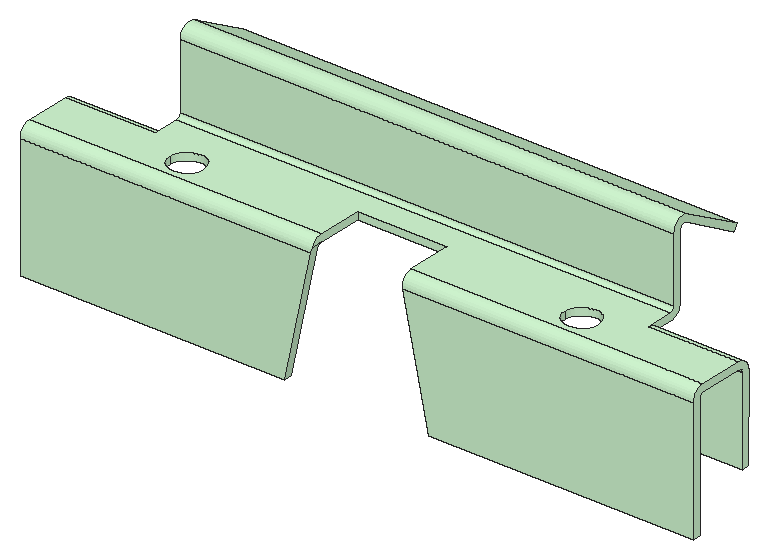
Revit family "pachi", category 機械設備, Revit 2022
Family settings
  丸型コネクタ寸法 = 直径を使用
  種別 = なし
  パーツ タイプ = 標準
  作業面ベース = いいえ
  常に垂直 = はい
  ロード時にボイドで切り取り = いいえ
  注釈の向きを維持 = いいえ
  共有 = いいえ
  部屋計算ポイント = いいえ
Parameters
  製造元 = "株式会社桐井製作所"
  既定の高さ = 0 mm
  URL = "https://www.kirii.co.jp/"
  K_材質 = "溶融亜鉛めっき鋼板及び鋼帯 SGCC 一般用"
  K_品名 = "pachi"
  K_名称 = "ジョイント補強金具"
  K_バージョン情報 = "20220915"
  K_めっき付着量 = "Z12"
  K_JIS規格 = "JIS G 3302"
Reference planes
  plane 1 "中心(正面/背面)": y = 0
  plane 2: z = 0
  plane 3 "中心(左/右)": x = 0
Forms (mm)
  Extrusion 1, solid
    sketch origin (0, 0, 0) x (0, 1, 0) y (0, 0, 1)
      loop
        arc (-2.5, 0.8) -> (-3.419, 0.419) -> (-3.8, -0.5) r 1.3
        line (-3.8, -0.5) -> (-3.8, -14.2) -> (-3, -14.2) -> (-3, -0.5)
        arc (-3, -0.5) -> (-2.854, -0.146) -> (-2.5, 0) r 0.5
        line (-2.5, 0) -> (2.5, 0)
        arc (2.5, 0) -> (2.854, -0.146) -> (3, -0.5) r 0.5
        line (3, -0.5) -> (3, -10.2) -> (3.8, -10.2) -> (3.8, -0.5)
        arc (3.8, -0.5) -> (3.419, 0.419) -> (2.5, 0.8) r 1.3
        line (2.5, 0.8) -> (-2.5, 0.8)
    from -37.5 to 37.5
  Extrusion 2, void
    sketch origin (0, 0, 0) x (1, 0, 0) y (0, 1, 0)
      loop
        circle (-22, 0) r 1.902
      loop
        circle (22, 0) r 1.902
    from 0 to 0.8
  Extrusion 3, void
    sketch origin (0, 0, 0) x (1, 0, 0) y (0, 0, 1)
      loop
        line (-8, -14.2) -> (8, -14.2) -> (5, 0) -> (5, 0.8) -> (-5, 0.8) -> (-5, 0) -> (-8, -14.2)
    from -7.272 to 4.1
  Extrusion 4, void
    sketch origin (0, 0, 0) x (1, 0, 0) y (0, 0, 1)
      loop
        line (7.155, -10.2) -> (28.1, -10.2) -> (28.1, 0) -> (5, 0) -> (7.155, -10.2)
    from -4.115 to -2.5
  Extrusion 5, void
    sketch origin (0, 0, 0) x (-1, 0, 0) y (0, 0, -1)
      loop
        line (7.155, 10.2) -> (5, 0) -> (28.1, 0) -> (28.1, 10.2) -> (7.155, 10.2)
    from -4.034 to -2.578
  Extrusion 6, solid
    sketch origin (0, -0.009, 0) x (0, 1, 0) y (0, 0, 1)
      loop
        line (14.66, 5.8) -> (7.95, 9.674)
        arc (7.95, 9.674) -> (6.65, 9.674) -> (6, 8.548) r 1.3
        line (6, 8.548) -> (6, 1.3)
        arc (6, 1.3) -> (5.854, 0.946) -> (5.5, 0.8) r 0.5
        line (5.5, 0.8) -> (2.509, 0.8) -> (2.509, 0) -> (5.5, 0)
        arc (5.5, 0) -> (6.419, 0.381) -> (6.8, 1.3) r 1.3
        line (6.8, 1.3) -> (6.8, 8.548)
        arc (6.8, 8.548) -> (7.05, 8.981) -> (7.55, 8.981) r 0.5
        line (7.55, 8.981) -> (14.26, 5.107) -> (14.66, 5.8)
    from -27.5 to 27.5
Cuts and joins
  Extrusion 2, Extrusion 3, Extrusion 4, Extrusion 5 cuts Extrusion 1
  joined: Extrusion 1, Extrusion 6
Dimensions and locks
  aligned and locked: level to plane 2
